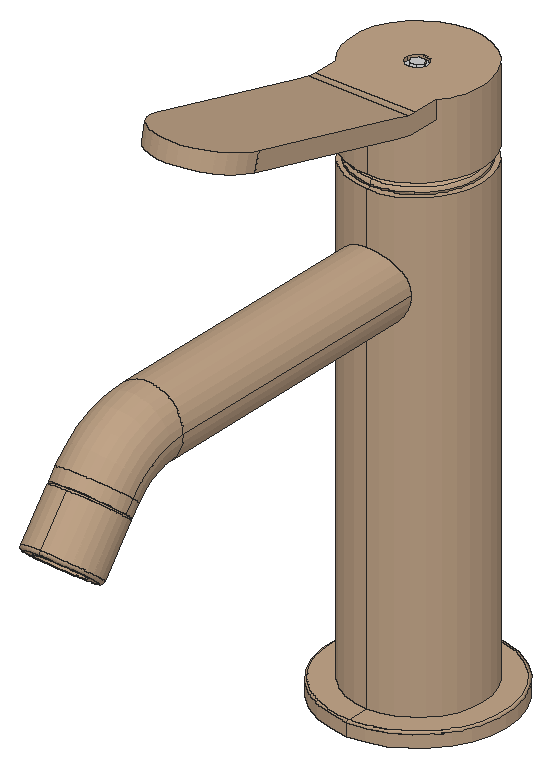
Revit family "Faucet-Lavatory-KALLISTA-Aileron-P33351_1", category Plumbing Fixtures, host Face, Revit 2021
Family settings
  Host = Face
  Round Connector Dimension = Use Diameter
  Part Type = Normal
  OmniClass Number = 23.31.11.00
  OmniClass Title = Faucets
  Cut with Voids When Loaded = No
  Shared = No
  Room Calculation Point = No
Parameters (values of type "BLH-Blush Brass")
  Width = 1.94882"  # constant formula
  WaterSense Certified = 1 = 0  # no
  Waste Water Outlet = "Waste Water Outlet"  # constant formula
  Waste Connection = 1 = 0  # no
  Vent Connection = 1 = 0  # no
  URL = "https://www.kallista.com/"
  Type = 4
  Tempered Water Inlet = "Tempered Water Inlet"  # constant formula
  Spout Reach = Length  # 4.92126"
  Product Page URL = ""
  Product Name = "Aileron"  # constant formula
  Product Documentation Link = ""
  Pressure = 4.50 psi  # constant formula
  Model = if(Type = 1, "P33351-LV-2MB", if(Type = 2, "P33351-LV-BGP", if(Type = 3, "P33351-LV-BL", if(Type = 4, "P33351-LV-BLH", if(Type = 5, "P33351-BN", if(Type = 6, "P33351-LV-CP", "NA"))))))  # "P33351-LV-BLH"
  Material = "Premium Metal Construction"  # constant formula
  Master Format 2014 Name = "Residential Faucets, Supplies, and Trim"  # constant formula
  Master Format 2014 = "22 41 39"  # constant formula
  Manufacturer Address = "444 Highland Dr, Kohler, WI 53044"  # constant formula
  Manufacturer = "Kallista Co."  # constant formula
  Length = 4.92126"  # constant formula
  Hot Water Inlet = "Hot Water Inlet"  # constant formula
  Height = 6.93307"  # constant formula
  Handle Clearance = 3.46311"  # constant formula
  HW Connection = 1 = 1  # yes
  Flow Rate = 1.2 GPM  # constant formula
  Finish = Kallista-Metal-BLH-Blush_Brass
  Environmental Product Declaration = ""
  Drain Included = 1 = 1  # yes
  Description = "Single Control Faucet Low"  # constant formula
  Default Elevation = 36"
  Declare Label = ""
  Date Modified = "10/23/2024"  # constant formula
  Date Created = "10/23/2024"  # constant formula
  Copyright = "Copyright Kohler Co."  # constant formula
  Contact Us = "https://www.kallista.com/corporate/contact-us/"
  Cold Water Inlet = "Cold Water Inlet"  # constant formula
  CW Connection = 1 = 0  # no
  Assembly Code = "D2010"
  ADA Compliant = 1 = 0  # no
Types (6): name | Type | Model | Finish
  2MB-Brushed Brass | 1 | "P33351-LV-2MB" | Kallista-Metal-2MB- Brushed_Brass
  BGP-Brushed Graphite | 2 | "P33351-LV-BGP" | Kallista-Metal-BGP-Brushed_Graphite
  BL-Matte Black | 3 | "P33351-LV-BL" | Kallista-Metal-BL-Matte_Black
  BLH-Blush Brass | 4 | "P33351-LV-BLH" | Kallista-Metal-BLH-Blush_Brass
  BN-Brushed Nickel | 5 | "P33351-BN" | Kallista-Metal-BN-Brushed_Nickel
  CP-Chrome | 6 | "P33351-LV-CP" | Kallista-Metal-CP-Chrome
Reference planes (in)
  plane 1 "Center (Front/Back)": y = 0
  plane 2: z = 0
  plane 3 "Center (Left/Right)": x = 0
  plane 4: z = 6.93307
  plane 5: x = 0.70866
  plane 6: x = -0.70866
  plane 7: x = 0.97441
  plane 8: x = -0.97441
  plane 9: z = 3.3937
  plane 10: x = -0.3937
  plane 11: x = 0.3937
  plane 12: x = -0.3937
  plane 13: through (0, -5.19946, 3.6668) normal (0, 0.766, -0.6428)
  plane 14: z = 4.70644
  plane 15: through (0, -5.19946, 2.44182) normal (0, 0.766, -0.6428)
  plane 16: through (0, -5.19946, 3.05431) normal (0, 0.766, -0.6428)
  plane 17: z = 4.31274
  plane 18: y = 0.70866
  plane 19: y = -0.70866
  plane 20: y = 0.97441
  plane 21: y = -0.97441
  plane 22: z = 3.91903
  plane 23: y = -5.19882
  plane 24: y = -4.92126
  plane 25: y = -3.46311
  plane 26: x = -0.19685
  plane 27: x = 0.19685
Dimensions and locks (in)
  level to plane 9 = 3.3937"
  "Height": level to plane 4
  plane 1 "Center (Front/Back)" to plane 23 = 5.19882"
  plane 20 to plane 21 = 1.94882"
  plane 8 to plane 7 = 1.94882"
  plane 4 to level = 6.93307"
  plane 6 to plane 5 = 1.41732"
  plane 20 to plane 23 = 6.17323"
  "Width": plane 8 to plane 7
  plane 12 to plane 11 = 0.7874"
  plane 23 to plane 1 "Center (Front/Back)" = 5.19882"  (x2)
  level to plane 4 = 6.93307"
  level to plane 17 = 4.31274"
  plane 23 to plane 20 = 6.17323"
  plane 19 to plane 18 = 1.41732"
  plane 21 to plane 20 = 1.94882"
  "Length": plane 1 "Center (Front/Back)" to plane 24
  "Handle Clearance": plane 1 "Center (Front/Back)" to plane 25
  aligned and locked: plane 2 to host face
  aligned and locked: level to host face
  aligned and locked: plane 3 "Center (Left/Right)" to nested 1
  aligned and locked: plane 1 "Center (Front/Back)" to nested 1
Automatic sketch dimensions
  host sketch curve to host sketch curve = 96"  (x2)
Nested families (in)
  nested 1: "P33351" at (0, 0, 0), type "P33351"
Connectors (in)
  piping at (-0.47244, 0, 0), diameter 0.5, driven by "Flow Rate", driven by "Pressure", driven by "HW Connection", driven by "Hot Water Inlet"
    settings: on nested 1, index 1, connector inside diameter 24", connector length 0", flow factor 0, pipe flow 1.2 GPM, pressure drop 4.50 psi, fitting loss kfactor 0, connector angle 0.00°, fixture units 0, engagement length 0", angle of deflection 0.00°, flow configuration 1, flow direction 1, fitting loss method 4, system type 19, joint type 0, gender type 0, connector reference index -1, connector utility 1, adjustable connector no, is connector primary yes, connector description "Hot Water Inlet"
  piping at (0.47244, 0, 0), diameter 0.5, driven by "Flow Rate", driven by "Pressure", driven by "CW Connection", driven by "Cold Water Inlet"
    settings: on nested 1, index 2, connector inside diameter 24", connector length 0", flow factor 0, pipe flow 1.2 GPM, pressure drop 4.50 psi, fitting loss kfactor 0, connector angle 0.00°, fixture units 0, engagement length 0", angle of deflection 0.00°, flow configuration 1, flow direction 1, fitting loss method 4, system type 20, joint type 0, gender type 0, connector reference index -1, connector utility 0, adjustable connector no, is connector primary no, connector description "Cold Water Inlet"
Definition of nested family "P33351"
  Parameters
    Material = none
    Default Elevation = 0"
  Reference planes (in)
    plane 1 "Center (Front/Back)": y = 0
    plane 2: z = 0
    plane 3 "Center (Left/Right)": x = 0
    plane 4: y = 0.70866
    plane 5: y = -0.70866
    plane 6: y = 0.97441
    plane 7: y = -0.97441
    plane 8: y = -4.92126
    plane 9: z = 3.3937
    plane 10: y = -3.59843
    plane 11: z = 6.93307
    plane 12: through (0, -4.51595, 3.86889) normal (0, -0.766, 0.6428)
    plane 13: z = 4.70644
    plane 14: z = 3.91903
    plane 15: through (0, -0.67282, 7.83646) normal (0, -0.766, 0.6428)
    plane 16: through (0, -1.276, 8.3426) normal (0, -0.766, 0.6428)
    plane 17: x = -0.70866
    plane 18: x = 0.70866
    plane 19: x = -0.97441
    plane 20: x = 0.97441
    plane 21: y = -5.19882
    plane 22: x = -0.47244
    plane 23: z = 4.31274
    plane 24: through (0, -2.41961, 6.563) normal (0, 0.266, 0.964)
    plane 25 "SW": through (0, -0.87033, 6.05252) normal (0, 0.2594, 0.9658)
    plane 26 "S": z = 5.67552
    plane 27 "AA": through (0, -4.69139, 3.20892) normal (0, -0.5299, -0.848)
    plane 28: y = -3.4631
    plane 29: x = -0.19685
    plane 30: x = 0.19685
    plane 31: x = 0.47244
  Forms (in)
    Revolve 1, solid, material <- "Material", detail levels medium+fine
      sketch origin (0, 0, 0) x (0, 1, 0) y (0, 0, 1)
        loop
          line (0, 0.15763) -> (0, 0) -> (0.97441, 0) -> (0.97441, 0.13755)
          arc (0.97441, 0.13755) -> (0.96853, 0.15175) -> (0.95432, 0.15763) r 0.02009
          line (0.95432, 0.15763) -> (0, 0.15763)
        axis (0, 0) -> (0, 0.15763)
      angle from 0 to 360
    Revolve 2, solid, material <- "Material", detail levels medium+fine
      sketch origin (0, 0, 0) x (0, 1, 0) y (0, 0, 1)
        loop
          line (0.70866, 5.27546) -> (0, 5.27546) -> (0, 0.15673) -> (0.70866, 0.15673) -> (0.70866, 5.27546)
        axis (0, 0.15673) -> (0, 5.27546)
      angle from 0 to 360
    Sweep 3, solid, material <- "Material", detail levels medium+fine
      path origin (0, 0, 0) x (0, 1, 0) y (0, 0, 1)
        loop
          line (-0.47549, 4.31274) -> (-3.72127, 4.31274)
          arc (-3.72127, 4.31274) -> (-4.10396, 4.2279) -> (-4.41493, 3.98928) r 0.90551
          line (-4.41493, 3.98928) -> (-4.50779, 3.87861)
      profile origin (0, -0.47549, 4.31274) x (0, 0, -1) y (1, 0, 0)
        loop
          circle (0.00197, 0) r 0.3937
    Revolve 4, solid, material <- "Material", detail levels medium+fine
      sketch origin (0, 0, 0) x (0, 1, 0) y (0, 0, 1)
        loop
          line (0, 5.61794) -> (0, 5.27546) -> (0.6392, 5.27546)
          arc (0.6392, 5.27546) -> (0.65443, 5.28296) -> (0.65777, 5.29961) r 0.01921
          arc (0.65777, 5.29961) -> (0.64851, 5.32097) -> (0.6334, 5.33869) r 0.07853
          line (0.6334, 5.33869) -> (0.46603, 5.48418)
          arc (0.46603, 5.48418) -> (0.24783, 5.60269) -> (0, 5.61794) r 0.57394
        axis (0, 5.27546) -> (0, 5.61794)
      angle from 0 to 360
    Revolve 5, solid, material <- "Material"
      sketch origin (0, 0, 0) x (0, 1, 0) y (0, 0, 1)
        loop
          line (0.70866, 6.22916) -> (0, 6.22916) -> (0, 5.42183) -> (0.70866, 5.42183) -> (0.70866, 6.22916)
        axis (0, 5.42183) -> (0, 6.22916)
      angle from 0 to 360
    Sweep 6, solid, material <- "Material"
      path origin (0, 0, 0) x (0, 1, 0) y (0, 0, 1)
        loop
          line (0.9826, 6.03231) -> (-0.71716, 6.03231)
          arc (-0.71716, 6.03231) -> (-0.79441, 6.03738) -> (-0.87033, 6.05252) r 0.59055
          line (-0.87033, 6.05252) -> (-3.72204, 6.81837)
      profile origin (0, 0.9826, 6.03231) x (0, 0, -1) y (1, 0, 0)
        loop
          line (-0.19685, 0.55088) -> (-0.19685, -0.55088) -> (0, -0.55088) -> (0, 0.55088) -> (-0.19685, 0.55088)
    Extrusion 7, void
      sketch origin (0, 0, 0) x (1, 0, 0) y (0, 1, 0)
        loop
          line (0.55088, -0.96613) -> (1.33828, -0.96613) -> (1.33828, 1.39607) -> (-1.33828, 1.39607) -> (-1.33828, -0.96613) -> (-0.55088, -0.96613) -> (-0.55088, 0.01194)
          arc (-0.55088, 0.01194) -> (0, 0.56282) -> (0.55088, 0.01194) r 0.55088
          line (0.55088, 0.01194) -> (0.55088, -0.96613)
      from 5.71618 to 6.89508
    Extrusion 8, void
      sketch origin (0, 1.38924, 5.44569) x (0, 0.965778, -0.259369) y (-1, 0, 0)
        loop
          arc (-4.4782, -0.55088) -> (-5.02908, 0) -> (-4.4782, 0.55088) r 0.55088
          line (-4.4782, 0.55088) -> (-3.8213, 0.55088) -> (-3.8213, 1.04127) -> (-5.59295, 1.04127) -> (-5.59295, -1.04127) -> (-3.8213, -1.04127) -> (-3.8213, -0.55088) -> (-4.4782, -0.55088)
      from -0.2244 to 0.56947
    Extrusion 9, void
      sketch origin (0, 0, 0) x (1, 0, 0) y (0, 1, 0)
        loop
          circle (0, 0) r 0.17104
      from 5.67606 to 7.87443
    Extrusion 10, void
      sketch origin (0, 0, 0) x (1, 0, 0) y (0, 1, 0)
        loop
          circle (0, -0.0123) r 0.11811
      from 6.19565 to 6.85676
    Revolve 11, solid, material <- "Material", detail levels medium+fine
      sketch origin (0, 0, 0) x (0, 1, 0) y (0, 0, 1)
        loop
          line (-4.50779, 3.87861) -> (-4.79084, 4.11612) -> (-4.82549, 4.11247) -> (-5.18987, 3.67823)
          arc (-5.18987, 3.67823) -> (-5.19886, 3.64969) -> (-5.18505, 3.62315) r 0.0391
          line (-5.18505, 3.62315) -> (-4.91341, 3.39522) -> (-4.50779, 3.87861)
        axis (-4.91341, 3.39522) -> (-4.50779, 3.87861)
      angle from 0 to 360
    Revolve 12, void
      sketch origin (0, 0, 0) x (0, 1, 0) y (0, 0, 1)
        loop
          line (-4.55614, 3.82099) -> (-5.01573, 3.27327) -> (-4.80398, 3.09559) -> (-4.34439, 3.6433) -> (-4.55614, 3.82099)
        axis (-5.01573, 3.27327) -> (-4.55614, 3.82099)
      angle from 0 to 360
    Revolve 13, void
      sketch origin (0, 0, 0) x (0, 1, 0) y (0, 0, 1)
        loop
          line (-0.12891, 5.67552) -> (0.74142, 5.67552) -> (0.74142, 5.78574) -> (-0.12891, 5.78574) -> (-0.12891, 5.67552)
        axis (-0.12891, 5.67552) -> (0.74142, 5.67552)
      angle from 0 to 360
    Revolve 14, solid, detail levels medium+fine
      sketch origin (0, 0, 0) x (0, 1, 0) y (0, 0, 1)
        loop
          line (-0.12688, 5.67552) -> (0.17206, 5.67552) -> (0.17206, 5.77995) -> (-0.12688, 5.77995) -> (-0.12688, 5.67552)
        axis (-0.12688, 5.67552) -> (0.17206, 5.67552)
      angle from 0 to 360
    Extrusion 15, void
      sketch origin (0, 0, 0) x (1, 0, 0) y (0, 0, 1)
        loop
          line (-0.01525, 5.63517) -> (0.02991, 5.64727) -> (0.04201, 5.69243) -> (0.00895, 5.72549) -> (-0.03621, 5.71339) -> (-0.04831, 5.66823) -> (-0.01525, 5.63517)
      from -0.17206 to 0.22053
    Extrusion 16, solid, detail levels medium+fine
      sketch origin (0, 0, 0) x (1, 0, 0) y (0, 1, 0)
        loop
          line (0.07548, -0.00615) -> (0.03774, 0.05922) -> (-0.03774, 0.05922) -> (-0.07548, -0.00615) -> (-0.03774, -0.07152) -> (0.03774, -0.07152) -> (0.07548, -0.00615)
      from 6.19565 to 6.22916
    Revolve 17, solid, detail levels medium+fine
      sketch origin (0, 0, 0) x (0, 1, 0) y (0, 0, 1)
        loop
          line (-4.55614, 3.82099) -> (-4.87748, 3.43803) -> (-4.63685, 3.23612) -> (-4.31551, 3.61907) -> (-4.55614, 3.82099)
        axis (-4.87748, 3.43803) -> (-4.55614, 3.82099)
      angle from 0 to 360
    Extrusion 18, void
      sketch origin (0, 0.12467, 0.19951) x (0, -0.848048, 0.529919) y (-1, 0, 0)
        loop
          circle (6.09756, 0.18396) r 0.03937
        loop
          circle (6.09756, 0.077) r 0.03937
        loop
          circle (5.98728, 0.14068) r 0.03937
        loop
          circle (6.12579, -0.05714) r 0.03937
        loop
          circle (6.01282, -0.05714) r 0.03937
        loop
          circle (6.04555, -0.17927) r 0.03937
        loop
          circle (5.77601, 0.077) r 0.03937
        loop
          circle (5.88629, 0.09146) r 0.03937
        loop
          circle (5.77238, -0.05714) r 0.03937
        loop
          circle (5.86075, -0.05714) r 0.03937
        loop
          circle (5.82803, -0.17927) r 0.03937
        loop
          circle (5.85636, 0.18396) r 0.03937
      from -0.41651 to 0.37209
    Revolve 19, solid, material <- "Material", detail levels coarse
      sketch origin (0, 0, 0) x (0, 1, 0) y (0, 0, 1)
        loop
          line (0.97441, 0.15673) -> (0.70866, 0.15673) -> (0.70866, 5.27546) -> (0, 5.27546) -> (0, 0) -> (0.97441, 0) -> (0.97441, 0.15673)
        axis (0, 0) -> (0, 5.27546)
      angle from 0 to 360
    Sweep 20, solid, material <- "Material", detail levels coarse
      path origin (0, 0, 0) x (0, 1, 0) y (0, 0, 1)
        loop
          line (0, 4.31274) -> (-3.50097, 4.31274)
          arc (-3.50097, 4.31274) -> (-4.08331, 4.18363) -> (-4.55654, 3.82051) r 1.37795
          line (-4.55654, 3.82051) -> (-4.91326, 3.3954)
      profile origin (0, 0, 4.31274) x (0, 0, -1) y (1, 0, 0)
        loop
          circle (0.00197, 0) r 0.3937
    Revolve 21, solid, material <- "Material", detail levels coarse
      sketch origin (0, 0, 0) x (0, 1, 0) y (0, 0, 1)
        loop
          line (-0.65965, 5.27546) -> (0, 5.27546) -> (0, 5.44055) -> (-0.55243, 5.44055) -> (-0.65965, 5.27546)
        axis (0, 5.44055) -> (0, 5.27546)
      angle from 0 to 360
    Extrusion 22, solid, material <- "Material", detail levels medium+fine
      sketch origin (0, 0, 0) x (1, 0, 0) y (0, 1, 0)
        loop
          circle (-0.47244, 0) r 0.05906
        loop
          circle (0.47244, 0) r 0.05906
      from 0 to 0.05953
  Cuts and joins
    Extrusion 10, Revolve 13 cuts Revolve 5
    Extrusion 7, Extrusion 8, Extrusion 9 cuts Sweep 6
    joined: Revolve 5, Sweep 6
    Extrusion 15 cuts Revolve 14
    Revolve 12 cuts Revolve 11
    Extrusion 18 cuts Revolve 17
  Lines and regions (in)
    Masking region 1
      outline origin (0, 0, 0) x (1, 0, 0) y (0, 1, 0)
        loop
          arc (0.55088, -0.80375) -> (0, 0.97441) -> (-0.55088, -0.80375) r 0.97441
          line (-0.55088, -0.80375) -> (-0.55088, -2.93571)
          arc (-0.55088, -2.93571) -> (-0.50996, -3.13699) -> (-0.3937, -3.30633) r 0.51556
          line (-0.3937, -3.30633) -> (-0.3937, -4.92126)
          arc (-0.3937, -4.92126) -> (-0.35812, -5.01868) -> (-0.2899, -5.09681) r 0.28371
          arc (-0.2899, -5.09681) -> (0.00538, -5.19946) -> (0.30065, -5.09681) r 0.47601
          arc (0.30065, -5.09681) -> (0.36562, -5.01881) -> (0.3937, -4.92126) r 0.2468
          line (0.3937, -4.92126) -> (0.3937, -3.31041)
          arc (0.3937, -3.31041) -> (0.50999, -3.13887) -> (0.55088, -2.93571) r 0.52523
          line (0.55088, -2.93571) -> (0.55088, -0.80375)
    Masking region 2
      outline origin (0, 0, 0) x (1, 0, 0) y (0, 0, 1)
        loop
          line (-0.70866, 6.22916) -> (-0.70866, 5.42183) -> (-0.53545, 5.42183) -> (-0.63872, 5.33518)
          arc (-0.63872, 5.33518) -> (-0.65927, 5.3084) -> (-0.66657, 5.27546) r 0.07796
          line (-0.66657, 5.27546) -> (-0.70866, 5.27546) -> (-0.70866, 0.15741) -> (-0.95472, 0.15741)
          arc (-0.95472, 0.15741) -> (-0.96864, 0.15164) -> (-0.97441, 0.13773) r 0.01969
          line (-0.97441, 0.13773) -> (-0.97441, 0) -> (0.97441, 0) -> (0.97441, 0.13773)
          arc (0.97441, 0.13773) -> (0.96864, 0.15164) -> (0.95472, 0.15741) r 0.01969
          line (0.95472, 0.15741) -> (0.70866, 0.15741) -> (0.70866, 5.27546) -> (0.66657, 5.27546)
          arc (0.66657, 5.27546) -> (0.65927, 5.3084) -> (0.63872, 5.33518) r 0.07796
          line (0.63872, 5.33518) -> (0.53545, 5.42183) -> (0.70866, 5.42183) -> (0.70866, 6.22916) -> (0.55088, 6.22916) -> (0.55088, 6.79731)
          arc (0.55088, 6.79731) -> (0.4125, 6.87163) -> (0.26128, 6.91409) r 0.71815
          arc (0.26128, 6.91409) -> (0.00525, 6.93384) -> (-0.25033, 6.90888) r 1.47495
          arc (-0.25033, 6.90888) -> (-0.40539, 6.86597) -> (-0.55088, 6.79731) r 0.94222
          line (-0.55088, 6.79731) -> (-0.55088, 6.22916) -> (-0.70866, 6.22916)
    Masking region 3
      outline origin (0, 0, 0) x (0, 1, 0) y (0, 0, 1)
        loop
          line (0.70866, 6.22916) -> (-0.71716, 6.22916)
          arc (-0.71716, 6.22916) -> (-0.76866, 6.23254) -> (-0.81927, 6.24263) r 0.3937
          line (-0.81927, 6.24263) -> (-3.38927, 6.93283)
          arc (-3.38927, 6.93283) -> (-3.4108, 6.93001) -> (-3.42404, 6.91278) r 0.02838
          line (-3.42404, 6.91278) -> (-3.4624, 6.76994)
          arc (-3.4624, 6.76994) -> (-3.46035, 6.75433) -> (-3.44787, 6.74474) r 0.02056
          line (-3.44787, 6.74474) -> (-0.87033, 6.05252)
          arc (-0.87033, 6.05252) -> (-0.79019, 6.03684) -> (-0.70866, 6.03237) r 0.59055
          line (-0.70866, 6.03237) -> (-0.70866, 5.42183) -> (-0.53886, 5.42183) -> (-0.63722, 5.33633)
          arc (-0.63722, 5.33633) -> (-0.65624, 5.30877) -> (-0.65965, 5.27546) r 0.06738
          line (-0.65965, 5.27546) -> (-0.70866, 5.27546) -> (-0.70866, 4.70644) -> (-3.77635, 4.70644)
          arc (-3.77635, 4.70644) -> (-4.2755, 4.59578) -> (-4.68112, 4.28453) r 1.1811
          line (-4.68112, 4.28453) -> (-5.18624, 3.68256)
          arc (-5.18624, 3.68256) -> (-5.19654, 3.64989) -> (-5.18072, 3.61951) r 0.04475
          line (-5.18072, 3.61951) -> (-4.64216, 3.16761)
          arc (-4.64216, 3.16761) -> (-4.61325, 3.15849) -> (-4.58635, 3.17249) r 0.03961
          line (-4.58635, 3.17249) -> (-4.11807, 3.73057)
          arc (-4.11807, 3.73057) -> (-3.93688, 3.8696) -> (-3.71391, 3.91903) r 0.5276
          line (-3.71391, 3.91903) -> (-0.70866, 3.91903) -> (-0.70866, 0.15673) -> (-0.95472, 0.15673)
          arc (-0.95472, 0.15673) -> (-0.96864, 0.15096) -> (-0.97441, 0.13704) r 0.01969
          line (-0.97441, 0.13704) -> (-0.97441, 0) -> (0.97441, 0) -> (0.97441, 0.13704)
          arc (0.97441, 0.13704) -> (0.96864, 0.15096) -> (0.95472, 0.15673) r 0.01969
          line (0.95472, 0.15673) -> (0.70866, 0.15673) -> (0.70866, 5.27546) -> (0.65965, 5.27546)
          arc (0.65965, 5.27546) -> (0.65624, 5.30877) -> (0.63722, 5.33633) r 0.06738
          line (0.63722, 5.33633) -> (0.53886, 5.42183) -> (0.70866, 5.42183) -> (0.70866, 6.22916)
    symbolic lines, detail levels medium+fine
      curve 1: circle (0, 0, 0) r 0.70866 normal (0, 0, 1)
      curve 2: circle (0, 0, 0) r 0.49073 normal (0, 0, 1)
      curve 3: circle (0, 0, 0) r 0.3937 normal (0, 0, 1)
      curve 4: circle (0, 0, 0) r 0.17104 normal (0, 0, 1)
      curve 5: line (0.05593, 0, 0) -> (0.02797, 0.04844, 0)
      curve 6: line (0.02797, 0.04844, 0) -> (-0.02797, 0.04844, 0)
      curve 7: line (-0.02797, 0.04844, 0) -> (-0.05593, 0, 0)
      curve 8: line (-0.05593, 0, 0) -> (-0.02797, -0.04844, 0)
      curve 9: line (-0.02797, -0.04844, 0) -> (0.02797, -0.04844, 0)
      curve 10: line (0.02797, -0.04844, 0) -> (0.05593, 0, 0)
      curve 11: circle (0, 0, 0) r 0.54475 normal (0, 0, 1)
      curve 12: line (-0.55088, -0.79374, 0) -> (0.53857, -0.79374, 0)
      curve 13: line (-0.55122, -0.81877, 0) -> (0.53857, -0.81877, 0)
      curve 14: arc (-0.3937, -4.59123, 0) -> (0, -4.80195, 0) -> (0.3937, -4.59123, 0) r 0.47314
      curve 15: arc (-0.55088, -2.93571, 0) -> (0, -3.3835, 0) -> (0.55088, -2.93571, 0) r 0.56274
      curve 16: arc (-0.3937, -3.30633, 0) -> (0, -3.46846, 0) -> (0.3937, -3.30633, 0) r 0.55909
      curve 17: line (-0.3937, -3.96837, 0) -> (0.3937, -3.96837, 0)
      curve 18: arc (-0.3937, -4.6501, 0) -> (0, -4.85321, 0) -> (0.3937, -4.6501, 0) r 0.48312
      curve 19: line (-0.37083, -4.67975, 0) -> (0.13179, -5.18237, 0)
      curve 20: line (-0.11405, -4.83955, 0) -> (0.20293, -5.15653, 0)
      curve 21: line (0, -4.85321, 0) -> (0.26755, -5.12076, 0)
      curve 22: line (0.08886, -4.84497, 0) -> (0.32186, -5.07796, 0)
      curve 23: line (0.17584, -4.82007, 0) -> (0.36562, -5.01881, 0)
      curve 24: line (0.2333, -4.79315, 0) -> (0.38943, -4.94928, 0)
      curve 25: line (0.29243, -4.75465, 0) -> (0.39194, -4.85416, 0)
      curve 26: line (0.33778, -4.7155, 0) -> (0.3937, -4.77142, 0)
      curve 27: line (-0.3937, -4.72441, 0) -> (0.03007, -5.19882, 0)
      curve 28: line (-0.3937, -4.82074, 0) -> (-0.05598, -5.19882, 0)
      curve 29: line (-0.3937, -4.92126, 0) -> (-0.13743, -5.17753, 0)
      curve 30: line (-0.3937, -4.92126, 0) -> (-0.22048, -4.79997, 0)
      curve 31: line (-0.38194, -4.96729, 0) -> (-0.17317, -4.82111, 0)
      curve 32: line (-0.35812, -5.01868, 0) -> (-0.06972, -4.84815, 0)
      curve 33: line (-0.31683, -5.07256, 0) -> (0.06057, -4.8494, 0)
      curve 34: line (-0.23531, -5.13412, 0) -> (0.26831, -4.77221, 0)
      curve 35: line (-0.13743, -5.17753, 0) -> (0.3937, -4.73186, 0)
      curve 36: line (0.00538, -5.19946, 0) -> (0.39194, -4.85416, 0)
      curve 37: line (0.10346, -5.18925, 0) -> (0.38943, -4.94928, 0)
      curve 38: line (-0.3937, -4.86588, 0) -> (-0.25216, -4.78218, 0)
      curve 39: line (-0.3937, -4.82074, 0) -> (-0.29073, -4.75985, 0)
      curve 40: line (-0.3937, -4.75269, 0) -> (-0.33514, -4.71806, 0)
      curve 41: line (-0.2545, 0.66138, 0) -> (0.56631, 0.42602, 0)
      curve 42: line (-0.05639, 0.70641, 0) -> (0.47935, 0.52195, 0)
      curve 43: line (-0.36611, 0.60677, 0) -> (-0.10008, 0.53548, 0)
      curve 44: line (-0.44213, 0.55383, 0) -> (-0.25011, 0.48394, 0)
      curve 45: line (-0.58439, 0.40086, 0) -> (0, 0.70866, 0)
      curve 46: line (-0.65027, 0.2817, 0) -> (0.17836, 0.68585, 0)
      curve 47: line (0.11094, 0.53334, 0) -> (0.29956, 0.64224, 0)
      curve 48: line (0.26708, 0.47479, 0) -> (0.42584, 0.56645, 0)
      curve 49: line (0.3937, 0.37651, 0) -> (0.60037, 0.37651, 0)
      curve 50: line (-0.69318, 0.14732, 0) -> (-0.46934, 0.27655, 0)
      curve 51: line (-0.70598, 0.0616, 0) -> (-0.51739, 0.17048, 0)
      curve 52: line (-0.70866, 0, 0) -> (-0.53898, 0.07912, 0)
      curve 53: line (-0.70218, -0.09559, 0) -> (-0.54475, 0, 0)
      curve 54: line (-0.6828, -0.18971, 0) -> (-0.5347, -0.10421, 0)
      curve 55: line (-0.69464, -0.14026, 0) -> (-0.54224, -0.05227, 0)
      curve 56: line (-0.5084, 0.49369, 0) -> (-0.31139, 0.44698, 0)
      curve 57: line (-0.3937, 0.37651, 0) -> (-0.58439, 0.40086, 0)
      curve 58: line (-0.62223, 0.33917, 0) -> (-0.45788, 0.29513, 0)
      curve 59: line (-0.65027, 0.2817, 0) -> (-0.49987, 0.21655, 0)
      curve 60: line (-0.67426, 0.21813, 0) -> (-0.52808, 0.13374, 0)
      curve 61: line (-0.69793, 0.12283, 0) -> (-0.53898, 0.07912, 0)
      curve 62: line (-0.70734, 0.04318, 0) -> (-0.54475, 0, 0)
      curve 63: line (-0.70771, -0.03675, 0) -> (-0.54224, -0.05227, 0)
      curve 64: line (-0.70218, -0.09559, 0) -> (-0.52999, -0.12595, 0)
      curve 65: line (0.45404, 0.301, 0) -> (0.64156, 0.301, 0)
      curve 66: line (0.50185, 0.2119, 0) -> (0.67624, 0.2119, 0)
      curve 67: line (0.53857, 0.08182, 0) -> (0.70392, 0.08182, 0)
      curve 68: line (0.5239, 0.14928, 0) -> (0.69276, 0.14928, 0)
      curve 69: line (0.54475, 0, 0) -> (0.70866, 0, 0)
      curve 70: line (0.53857, -0.08182, 0) -> (0.70392, -0.08182, 0)
      curve 71: line (0.52465, -0.14664, 0) -> (0.69332, -0.14664, 0)
      curve 72: line (0.50471, -0.205, 0) -> (0.67836, -0.205, 0)
      curve 73: line (0.4739, -0.26866, 0) -> (0.65576, -0.26866, 0)
      curve 74: line (0.42715, -0.33808, 0) -> (0.62282, -0.33808, 0)
      curve 75: line (0.3937, -0.37651, 0) -> (0.60037, -0.37651, 0)
      curve 76: line (0.34145, -0.42446, 0) -> (0.56748, -0.42446, 0)
      curve 77: line (0.25814, -0.47971, 0) -> (0.52161, -0.47971, 0)
      curve 78: line (0.33036, 0.43315, 0) -> (0.64156, 0.301, 0)
      curve 79: line (0.45404, 0.301, 0) -> (0.69276, 0.14928, 0)
      curve 80: line (0.5239, 0.14928, 0) -> (0.70781, -0.03463, 0)
      curve 81: line (0.54475, 0, 0) -> (0.68395, -0.13919, 0)
      curve 82: line (0.52606, -0.1415, 0) -> (0.64645, -0.2619, 0)
      curve 83: line (-0.66527, -0.24417, 0) -> (-0.5114, -0.1877, 0)
      curve 84: line (-0.6249, -0.33422, 0) -> (-0.48037, -0.25692, 0)
      curve 85: line (-0.57524, -0.41388, 0) -> (-0.45734, -0.29598, 0)
      curve 86: line (-0.42594, -0.33961, 0) -> (-0.5424, -0.45607, 0)
      curve 87: line (-0.3937, -0.37651, 0) -> (-0.50962, -0.49243, 0)
      curve 88: line (-0.32684, -0.43581, 0) -> (-0.44365, -0.55261, 0)
      curve 89: line (-0.2465, -0.48579, 0) -> (-0.36696, -0.60625, 0)
      curve 90: line (-0.14208, -0.5259, 0) -> (-0.27099, -0.6548, 0)
      curve 91: line (-0.19602, -0.50826, 0) -> (-0.30309, -0.61534, 0)
      curve 92: line (-0.08904, -0.53743, 0) -> (-0.17521, -0.68666, 0)
      curve 93: line (0.19052, -0.51035, 0) -> (0.44121, -0.55455, 0)
      curve 94: line (0.32971, -0.62729, 0) -> (0.08473, -0.53813, 0)
      curve 95: line (0.17552, -0.68658, 0) -> (0.03271, -0.54377, 0)
      curve 96: line (0, -0.70866, 0) -> (-0.0444, -0.54294, 0)
      curve 97: line (0.06989, -0.70521, 0) -> (0, -0.54475, 0)
      curve 98: line (-0.09907, -0.7017, 0) -> (-0.07701, -0.54542, 0)
      curve 99: line (0.50471, -0.205, 0) -> (0.61729, -0.31758, 0)
      curve 100: line (0.4739, -0.26866, 0) -> (0.55088, -0.4458, 0)
      curve 101: line (0.3937, -0.37651, 0) -> (0.44121, -0.55455, 0)
      curve 102: line (0.25814, -0.47971, 0) -> (0.32971, -0.62729, 0)
      curve 103: line (0.1554, -0.52212, 0) -> (0.20216, -0.67921, 0)
      curve 104: line (0.03271, -0.54377, 0) -> (0, -0.70866, 0)
      curve 105: line (-0.08904, -0.53743, 0) -> (-0.33225, -0.62595, 0)
      curve 106: line (-0.2465, -0.48579, 0) -> (-0.48614, -0.48579, 0)
      curve 107: line (-0.3937, -0.37651, 0) -> (-0.6192, -0.34467, 0)
      curve 108: line (-0.48037, -0.25692, 0) -> (-0.66045, -0.25692, 0)
      curve 109: line (-0.52999, -0.12595, 0) -> (-0.6249, -0.33422, 0)
      curve 110: arc (-0.3937, 0, 3.91903) -> (0.00146, 0, 4.13174) -> (0.39661, 0, 3.91903) r 0.47341
      curve 111: line (-0.3937, 0, 3.91903) -> (-0.3937, 0, 4.39026)
      curve 112: line (0.39661, 0, 3.91903) -> (0.39661, 0, 4.39026)
      curve 113: arc (-0.3937, 0, 4.39026) -> (0.00146, 0, 4.70644) -> (0.39661, 0, 4.39026) r 0.40502
      curve 114: line (-0.70866, 0, 0.15741) -> (0.70866, 0, 0.15741)
      curve 115: line (-0.97441, 0, 0.13773) -> (0.97441, 0, 0.13773)
      curve 116: line (-0.55088, 0, 6.24455) -> (-0.55088, 0, 6.13976)
      curve 117: line (-0.55088, 0, 6.13976) -> (0.55088, 0, 6.13976)
      curve 118: line (0.55088, 0, 6.13976) -> (0.55088, 0, 6.24263)
      curve 119: line (-0.54119, 0, 5.42183) -> (0.53947, 0, 5.42183)
      curve 120: line (-0.66657, 0, 5.27546) -> (0.66657, 0, 5.27546)
      curve 121: spline (-0.3937, 0, 3.41858) -> (-0.38029, 0, 3.48621) -> (-0.34095, 0, 3.54923) -> (-0.27839, 0, 3.60334) -> (-0.19685, 0, 3.64487) -> (-0.1019, 0, 3.67097) -> (0, 0, 3.67987) -> (0.1019, 0, 3.67097) -> (0.19685, 0, 3.64487) -> (0.27839, 0, 3.60334) -> (0.34095, 0, 3.54923) -> (0.38029, 0, 3.48621) -> (0.3937, 0, 3.41858) -> (0.38029, 0, 3.35096) -> (0.34095, 0, 3.28794) -> (0.27839, 0, 3.23382) -> (0.19685, 0, 3.1923) -> (0.1019, 0, 3.1662) -> (0, 0, 3.1573) -> (-0.1019, 0, 3.1662) -> (-0.19685, 0, 3.1923) -> (-0.27839, 0, 3.23382) -> (-0.34095, 0, 3.28794) -> (-0.38029, 0, 3.35096) -> (-0.3937, 0, 3.41858)
      curve 122: line (-0.3937, 0, 3.41858) -> (-0.3937, 0, 3.91903)
      curve 123: line (0.3937, 0, 3.41858) -> (0.3937, 0, 3.90794)
      curve 124: line (-0.70866, 0, 6.22916) -> (0.70866, 0, 5.42183)
      curve 125: line (-0.42154, 0, 6.14343) -> (0.70866, 0, 5.49966)
      curve 126: line (-0.27848, 0, 6.13976) -> (0.70866, 0, 5.57748)
      curve 127: line (-0.14186, 0, 6.13976) -> (0.70866, 0, 5.6553)
      curve 128: line (-0.00523, 0, 6.13976) -> (0.70866, 0, 5.73312)
      curve 129: line (0.13139, 0, 6.13976) -> (0.70866, 0, 5.81094)
      curve 130: line (0.26801, 0, 6.13976) -> (0.70866, 0, 5.88876)
      curve 131: line (0.40463, 0, 6.13976) -> (0.70866, 0, 5.96658)
      curve 132: line (0.54125, 0, 6.13976) -> (0.70866, 0, 6.0444)
      curve 133: line (0.55088, 0, 6.2121) -> (0.70866, 0, 6.12223)
      curve 134: line (-0.7118, 0, 6.15288) -> (0.57161, 0, 5.42183)
      curve 135: line (-0.70362, 0, 6.07015) -> (0.43455, 0, 5.42183)
      curve 136: line (-0.70866, 0, 5.99496) -> (0.2975, 0, 5.42183)
      curve 137: line (-0.70866, 0, 5.91689) -> (0.16045, 0, 5.42183)
      curve 138: line (-0.70866, 0, 5.83882) -> (0.0234, 0, 5.42183)
      curve 139: line (-0.70866, 0, 5.76076) -> (-0.11366, 0, 5.42183)
      curve 140: line (-0.70866, 0, 5.68269) -> (-0.25071, 0, 5.42183)
      curve 141: line (-0.70866, 0, 5.60462) -> (-0.38776, 0, 5.42183)
      curve 142: line (-0.70866, 0, 5.51723) -> (-0.54119, 0, 5.42183)
      curve 143: line (-0.70866, 0, 5.42183) -> (0.54649, 0, 6.13678)
      curve 144: line (-0.57182, 0, 5.42183) -> (0.70866, 0, 6.15122)
      curve 145: line (-0.43499, 0, 5.42183) -> (0.70866, 0, 6.07327)
      curve 146: line (-0.29815, 0, 5.42183) -> (0.70866, 0, 5.99533)
      curve 147: line (-0.16131, 0, 5.42183) -> (0.70866, 0, 5.91738)
      curve 148: line (-0.02447, 0, 5.42183) -> (0.70866, 0, 5.83944)
      curve 149: line (0.11237, 0, 5.42183) -> (0.70866, 0, 5.76149)
      curve 150: line (0.24921, 0, 5.42183) -> (0.70866, 0, 5.68355)
      curve 151: line (0.38604, 0, 5.42183) -> (0.70866, 0, 5.6056)
      curve 152: line (0.53947, 0, 5.42183) -> (0.70866, 0, 5.51821)
      curve 153: line (-0.70866, 0, 5.50227) -> (0.41051, 0, 6.13976)
      curve 154: line (-0.70866, 0, 5.5827) -> (0.26931, 0, 6.13976)
      curve 155: line (-0.70866, 0, 5.66313) -> (0.1281, 0, 6.13976)
      curve 156: line (-0.70866, 0, 5.74356) -> (-0.0131, 0, 6.13976)
      curve 157: line (-0.70866, 0, 5.824) -> (-0.15431, 0, 6.13976)
      curve 158: line (-0.70866, 0, 5.90194) -> (-0.29115, 0, 6.13976)
      curve 159: line (-0.70866, 0, 5.97989) -> (-0.42154, 0, 6.14343)
      curve 160: line (-0.70362, 0, 6.07015) -> (-0.55088, 0, 6.15715)
      curve 161: line (-0.7118, 0, 6.15288) -> (-0.55088, 0, 6.22916)
      curve 162: line (0, 0.53886, 5.42183) -> (0, -0.53886, 5.42183)
      curve 163: line (0, 0.65965, 5.27546) -> (0, -0.65965, 5.27546)
      curve 164: line (0, 0.70866, 0.15673) -> (0, -0.70866, 0.15673)
      curve 165: line (0, 0.97441, 0.13704) -> (0, -0.97441, 0.13704)
      curve 166: arc (0, -0.70866, 4.70644) -> (0, -0.60268, 4.31274) -> (0, -0.70866, 3.91903) r 0.78422
      curve 167: line (0, -3.71391, 3.91903) -> (0, -3.71391, 4.70644)
      curve 168: line (0, -4.20469, 3.62427) -> (0, -4.80787, 4.13041)
      curve 169: line (0, -0.70866, 6.03231) -> (0, 0, 6.03237)
      curve 170: line (0, 0, 6.03237) -> (0, 0, 6.22916)
      curve 171: line (0, -4.20469, 3.62427) -> (0, -5.1864, 3.62427)
      curve 172: line (0, -4.29682, 3.70158) -> (0, -5.17028, 3.70158)
      curve 173: line (0, -4.38894, 3.77888) -> (0, -5.10541, 3.77888)
      curve 174: line (0, -4.48107, 3.85618) -> (0, -5.04055, 3.85618)
      curve 175: line (0, -4.57491, 3.93492) -> (0, -4.97448, 3.93492)
      curve 176: line (0, -4.66532, 4.01079) -> (0, -4.91082, 4.01079)
      curve 177: line (0, -4.27108, 3.54822) -> (0, -5.10137, 3.54822)
      curve 178: line (0, -4.3349, 3.47216) -> (0, -5.00954, 3.47216)
      curve 179: line (0, -4.39932, 3.3954) -> (0, -4.91759, 3.3954)
      curve 180: line (0, -4.46539, 3.31666) -> (0, -4.8253, 3.31666)
      curve 181: line (0, -4.53146, 3.23792) -> (0, -4.72595, 3.23792)
      curve 182: line (0, -4.64216, 3.16761) -> (0, -4.80787, 4.13041)
      curve 183: line (0, -4.56802, 3.19434) -> (0, -4.71584, 4.05318)
      curve 184: line (0, -4.50269, 3.2722) -> (0, -4.62381, 3.97596)
      curve 185: line (0, -4.43735, 3.35007) -> (0, -4.53178, 3.89874)
      curve 186: line (0, -4.37201, 3.42794) -> (0, -4.43975, 3.82151)
      curve 187: line (0, -4.30667, 3.50581) -> (0, -4.34772, 3.74429)
      curve 188: line (0, -4.24133, 3.58367) -> (0, -4.25569, 3.66707)
      curve 189: line (0, -4.7342, 3.24483) -> (0, -4.87365, 4.05508)
      curve 190: line (0, -4.8253, 3.31666) -> (0, -4.93899, 3.97722)
      curve 191: line (0, -4.91759, 3.3954) -> (0, -5.00433, 3.89935)
      curve 192: line (0, -5.00954, 3.47216) -> (0, -5.06967, 3.82148)
      curve 193: line (0, -5.10137, 3.54822) -> (0, -5.135, 3.74362)
      curve 194: line (0, 0.70866, 6.22916) -> (0, -0.70866, 5.42183)
      curve 195: line (0, 0.70866, 6.15176) -> (0, -0.57278, 5.42183)
      curve 196: line (0, 0.70866, 6.15122) -> (0, -0.57182, 5.42183)
      curve 197: line (0, 0.70866, 6.07327) -> (0, -0.43499, 5.42183)
      curve 198: line (0, 0.70866, 5.99533) -> (0, -0.29815, 5.42183)
      curve 199: line (0, 0.70866, 5.91738) -> (0, -0.16131, 5.42183)
      curve 200: line (0, 0.70866, 5.83944) -> (0, -0.02447, 5.42183)
      curve 201: line (0, 0.70866, 5.76149) -> (0, 0.11237, 5.42183)
      curve 202: line (0, 0.70866, 5.68355) -> (0, 0.24921, 5.42183)
      curve 203: line (0, 0.70577, 5.60395) -> (0, 0.38604, 5.42183)
      curve 204: line (0, 0.70866, 5.54186) -> (0, 0.49794, 5.42183)
      curve 205: line (0, 0.70866, 5.45447) -> (0, 0.65137, 5.42183)
      curve 206: line (0, 0.57182, 6.22916) -> (0, -0.70866, 5.49978)
      curve 207: line (0, 0.43499, 6.22916) -> (0, -0.70866, 5.57772)
      curve 208: line (0, 0.70338, 5.42183) -> (0, -0.23673, 6.03235)
      curve 209: line (0, 0.58829, 5.42183) -> (0, -0.3518, 6.03234)
      curve 210: line (0, 0.4724, 5.42183) -> (0, -0.46768, 6.03233)
      curve 211: line (0, 0.35651, 5.42183) -> (0, -0.58355, 6.03232)
      curve 212: line (0, 0.24062, 5.42183) -> (0, -0.69943, 6.03231)
      curve 213: line (0, 0.12474, 5.42183) -> (0, -0.70866, 5.96305)
      curve 214: line (0, 0.00885, 5.42183) -> (0, -0.70866, 5.88779)
      curve 215: line (0, -0.11959, 5.42183) -> (0, -0.70866, 5.80438)
      curve 216: line (0, -0.24802, 5.42183) -> (0, -0.71624, 5.7259)
      curve 217: line (0, -0.37645, 5.42183) -> (0, -0.70866, 5.63758)
      curve 218: line (0, -0.45519, 5.42183) -> (0, -0.70866, 5.58644)
      curve 219: line (0, -0.5966, 5.42183) -> (0, -0.70866, 5.49461)
      curve 220: line (0, 0.70866, 5.51024) -> (0, -0.09534, 6.03236)
      curve 221: line (0, 0.70577, 5.60395) -> (0, 0, 6.06228)
      curve 222: line (0, 0.70866, 5.69391) -> (0, 0, 6.15412)
      curve 223: line (0, 0.70866, 5.78574) -> (0, 0.02586, 6.22916)
      curve 224: line (0, 0.70866, 5.87758) -> (0, 0.16728, 6.22916)
      curve 225: line (0, 0.70866, 5.96942) -> (0, 0.30869, 6.22916)
      curve 226: line (0, 0.70866, 6.06125) -> (0, 0.4501, 6.22916)
      curve 227: line (0, 0.70866, 6.15309) -> (0, 0.59152, 6.22916)
      curve 228: line (-0.3937, 0, 3.91903) -> (0.3937, 0, 3.65918)
      curve 229: line (-0.34146, 0, 3.98471) -> (0.3937, 0, 3.7421)
      curve 230: line (-0.27206, 0, 4.04473) -> (0.3937, 0, 3.82502)
      curve 231: line (-0.17773, 0, 4.09651) -> (0.3937, 0, 3.90794)
      curve 232: line (-0.3937, 0, 3.83612) -> (0.3937, 0, 3.57627)
      curve 233: line (-0.08581, 0, 4.12362) -> (0.34853, 0, 3.98029)
      curve 234: line (-0.3937, 0, 3.76267) -> (-0.12306, 0, 3.67335)
      curve 235: line (-0.3937, 0, 3.66881) -> (-0.2451, 0, 3.61977)
      curve 236: line (-0.3937, 0, 3.59055) -> (-0.32113, 0, 3.5666)
      curve 237: line (0.00146, 0, 4.13174) -> (-0.3937, 0, 3.76267)
      curve 238: line (-0.12783, 0, 4.11374) -> (-0.3937, 0, 3.84787)
      curve 239: line (0.10463, 0, 4.12036) -> (-0.39118, 0, 3.65728)
      curve 240: line (0.18641, 0, 4.09411) -> (-0.3937, 0, 3.514)
      curve 241: line (0.25909, 0, 4.0555) -> (-0.12306, 0, 3.67335)
      curve 242: line (0.30794, 0, 4.01914) -> (-0.03425, 0, 3.67695)
      curve 243: line (0.37515, 0, 3.94897) -> (0.09952, 0, 3.67335)
      curve 244: line (0.3937, 0, 3.85163) -> (0.18666, 0, 3.64459)
      curve 245: line (0.3937, 0, 3.77103) -> (0.24726, 0, 3.62459)
      curve 246: spline (0.55088, 0, 6.6072) -> (0.53211, 0, 6.64418) -> (0.47707, 0, 6.67864) -> (0.38953, 0, 6.70823) -> (0.27544, 0, 6.73093) -> (0.14258, 0, 6.74521) -> (0, 0, 6.75008) -> (-0.14258, 0, 6.74521) -> (-0.27544, 0, 6.73093) -> (-0.38953, 0, 6.70823) -> (-0.47707, 0, 6.67864) -> (-0.53211, 0, 6.64418) -> (-0.55088, 0, 6.6072)
      curve 247: line (0, 0.30869, 6.22916) -> (0, 0, 6.05333)
      curve 248: line (0, -0.03679, 6.03237) -> (0, -0.70866, 5.64966)
      curve 249: line (0, 0.16728, 6.22916) -> (0, 0, 6.13388)
      curve 250: line (0, 0, 6.13388) -> (0, -0.17823, 6.03236)
      curve 251: line (0, -0.17823, 6.03236) -> (0, -0.71624, 5.7259)
      curve 252: line (0, -0.70866, 5.80438) -> (0, -0.3519, 6.03234)
      curve 253: line (0, -0.70866, 5.88779) -> (0, -0.46781, 6.03233)
      curve 254: line (0, -0.70866, 5.96305) -> (0, -0.58372, 6.03232)
  Dimensions and locks (in)
    aligned and locked: plane 2 to level
    aligned and locked: Revolve 19 to Revolve 21 sketch curve
